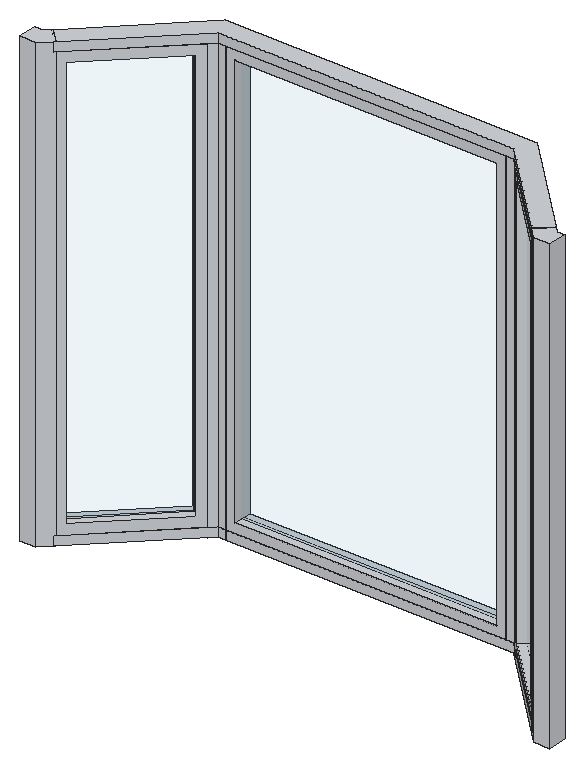
Revit family "W1_鋁窗", category 窗, Revit 2014
Parameters (values of type "(50+100+50) x 145 cm")
  熱阻 (R) = 0.271106 (m²·K)/W
  Visual Light Transmittance = 0.9
  Solar Heat Gain Coefficient = 0.78
  營造類型 Id = "GSP4R"
  Height = 145 cm
  傳熱係數 (U) = 3.6886 W/(m²·K)
  預設窗台高度 = 105 cm
  關鍵註記 = "固定窗-矩形"
  Rough Height = Height  # 145 cm
  Rough Width = Width  # 100 cm
  玻璃材質 = 玻璃
  牆封閉 = 依主體
  Width = 100 cm
  裝飾外框材料 = none
  裝飾外框寬度 = 3 cm
  裝飾外框厚度 = 6 cm
  解析營造 = "1/8 英吋 Pilkington 單層鑲嵌玻璃"
Reference planes (cm)
  plane 1: y = 0
  plane 2 "中心 (左/右)": x = 0
  plane 3 "左": x = -50
  plane 4 "右": x = 50
  plane 5 "窗台": z = 105
  plane 6 "標頭": z = 250
  plane 7 "外部": y = 7.5
  plane 8 "內部": y = -7.5
  plane 9: x = 85
  plane 10: x = -85
  plane 11: through (54.5944, -4.5858, 100) normal (-0.7071, -0.7071, 0)
  plane 12: through (50.0086, 0, 100) normal (0.9239, -0.3827, 0)
  plane 13: through (-54.5944, -4.5858, 100) normal (-0.7071, 0.7071, 0)
  plane 14: through (-50.0086, 0, 100) normal (0.9239, 0.3827, 0)
  plane 15: through (-83.2322, -36.7591, 100) normal (0.7071, 0.7071, 0)
  plane 16: through (85, -34.9914, 100) normal (0.7071, -0.7071, 0)
  plane 17: through (87.1213, -37.1127, 100) normal (0.7071, -0.7071, 0)
  plane 18: through (-85.3536, -38.8805, 100) normal (0.7071, 0.7071, 0)
  plane 19: z = 247
  plane 20: z = 108
  plane 21: z = 177.5
  plane 22: through (54.5944, -4.5858, 85) normal (-0.7071, -0.7071, 0)
  plane 23: through (50.0086, 0, 85) normal (0.9239, -0.3827, 0)
  plane 24: through (-54.5944, -4.5858, 85) normal (-0.7071, 0.7071, 0)
  plane 25: through (-50.0086, 0, 85) normal (0.9239, 0.3827, 0)
  plane 26: through (85, -34.9914, 100) normal (-0.7071, -0.7071, 0)
  plane 27: y = -34.9914
  plane 28: through (-75.4056, -33.8823, 100) normal (0.7071, -0.7071, 0)
  plane 29: through (-79.9914, -38.468, 100) normal (-0.9239, -0.3827, 0)
  plane 30: y = -34.9914
  plane 31: through (-79.7132, -38.1899, 85) normal (0.7071, -0.7071, 0)
  plane 32: through (-84.299, -42.7756, 85) normal (-0.9239, -0.3827, 0)
  plane 33: through (79.7132, -38.1899, 100) normal (0.7071, 0.7071, 0)
  plane 34: through (79.9914, -38.468, 100) normal (-0.9239, 0.3827, 0)
  plane 35: through (79.7132, -38.1899, 85) normal (0.7071, 0.7071, 0)
  plane 36: through (84.299, -42.7756, 85) normal (-0.9239, 0.3827, 0)
Forms (cm)
  Extrusion 1, solid
    sketch origin (0, 0, 0) x (1, 0, 0) y (0, 1, 0)
      loop
        line (45, 0) -> (45, -6) -> (47.5233, -6) -> (49.3076, -7.7843) -> (53.5503, -3.5416) -> (50.0086, 0) -> (45, 0)
    from 247 to 105
  Extrusion 2, solid
    sketch origin (0, 0, 0) x (-1, 0, 0) y (0, -1, 0)
      loop
        line (45, 0) -> (50.0086, 0) -> (53.5503, 3.5416) -> (49.3076, 7.7843) -> (47.5233, 6) -> (45, 6) -> (45, 0)
    from 247 to 105
  Extrusion 3, solid
    sketch origin (0, 0, 0) x (1, 0, 0) y (0, 1, 0)
      loop
        line (-50.0086, 0) -> (-80.9546, -30.946) -> (-76.712, -35.1886) -> (-47.5233, -6) -> (47.5233, -6) -> (76.4497, -34.9264) -> (80.6924, -30.6838) -> (50.0086, 0) -> (-50.0086, 0)
    from 250 to 247
  Extrusion 4, solid
    sketch origin (0, 0, 0) x (1, 0, 0) y (0, 1, 0)
      loop
        line (-50.0086, 0) -> (-80.9546, -30.946) -> (-76.712, -35.1886) -> (-47.5233, -6) -> (47.5233, -6) -> (76.4497, -34.9264) -> (80.6924, -30.6838) -> (50.0086, 0) -> (-50.0086, 0)
    from 108 to 105
  Extrusion 5, solid, not visible
    sketch origin (0, 0, -15) x (1, 0, 0) y (0, 1, 0)
      loop
        line (45, 0) -> (45, -6) -> (47.5233, -6) -> (49.3076, -7.7843) -> (53.5503, -3.5416) -> (50.0086, 0) -> (45, 0)
    from 247 to 105
  Extrusion 6, solid, not visible
    sketch origin (0, 0, -15) x (-1, 0, 0) y (0, -1, 0)
      loop
        line (45, 0) -> (50.0086, 0) -> (53.5503, 3.5416) -> (49.3076, 7.7843) -> (47.5233, 6) -> (45, 6) -> (45, 0)
    from 247 to 105
  Extrusion 7, solid, not visible
    sketch origin (0, 0, -15) x (1, 0, 0) y (0, 1, 0)
      loop
        line (-85, -34.9914) -> (-87.1213, -37.1127) -> (-82.8787, -41.3553) -> (-80.7574, -39.234) -> (-85, -34.9914)
      loop
        line (85, -34.9914) -> (80.7574, -39.234) -> (82.8787, -41.3553) -> (87.1213, -37.1127) -> (85, -34.9914)
    from 247 to 105
  Extrusion 8, solid, not visible
    sketch origin (0, 0, -15) x (1, 0, 0) y (0, 1, 0)
      loop
        line (-50.0086, 0) -> (-87.1213, -37.1127) -> (-82.8787, -41.3553) -> (-47.5233, -6) -> (47.5233, -6) -> (82.8787, -41.3553) -> (87.1213, -37.1127) -> (50.0086, 0) -> (-50.0086, 0)
    from 250 to 247
  Extrusion 9, solid, not visible
    sketch origin (0, 0, -15) x (1, 0, 0) y (0, 1, 0)
      loop
        line (-50.0086, 0) -> (-87.1213, -37.1127) -> (-82.8787, -41.3553) -> (-47.5233, -6) -> (47.5233, -6) -> (82.8787, -41.3553) -> (87.1213, -37.1127) -> (50.0086, 0) -> (-50.0086, 0)
    from 108 to 105
  Extrusion 10, solid
    sketch origin (-134.3076, -42.7756, 0) x (1, 0, 0) y (0, 1, 0)
      loop
        line (49.3076, 4.3076) -> (54.3162, 4.3076) -> (57.8579, 7.8492) -> (53.6152, 12.0919) -> (51.831, 10.3076) -> (49.3076, 10.3076) -> (49.3076, 4.3076)
    from 250 to 105
  Extrusion 11, solid, not visible
    sketch origin (-134.3076, -42.7756, -15) x (1, 0, 0) y (0, 1, 0)
      loop
        line (45, 0) -> (50.0086, 0) -> (53.5503, 3.5416) -> (49.3076, 7.7843) -> (47.5233, 6) -> (45, 6) -> (45, 0)
    from 250 to 105
  Extrusion 12, solid
    sketch origin (134.3076, -42.7756, 0) x (-1, 0, 0) y (0, -1, 0)
      loop
        line (49.3076, -4.3076) -> (49.3076, -10.3076) -> (51.831, -10.3076) -> (53.6152, -12.0919) -> (57.8579, -7.8492) -> (54.3162, -4.3076) -> (49.3076, -4.3076)
    from 250 to 105
  Extrusion 13, solid, not visible
    sketch origin (134.3076, -42.7756, -15) x (-1, 0, 0) y (0, -1, 0)
      loop
        line (45, 0) -> (45, -6) -> (47.5233, -6) -> (49.3076, -7.7843) -> (53.5503, -3.5416) -> (50.0086, 0) -> (45, 0)
    from 250 to 105
Lines and regions (cm)
  Opening 1
    outline origin (350, -7.5, 0) x (1, 0, 0) y (0, 0, 1)
      loop
        line (-300, 105) -> (-300, 250) -> (-400, 250) -> (-400, 105) -> (-300, 105)
  Opening 2, not visible
    outline origin (-500, 7.5, 0) x (-1, 0, 0) y (0, 0, 1)
      loop
        line (-550, 90) -> (-450, 90) -> (-450, 235) -> (-550, 235) -> (-550, 90)
  symbolic lines
    curve 1: line (85, -26.3762, 0) -> (107.7629, -3.6133, 0)
    curve 2: line (-85, -26.9006, 0) -> (-108.2874, -3.6133, 0)
    curve 3: line (-82.8787, -24.7793, 0) -> (-106.1661, -1.4919, 0)
    curve 4: line (78.5711, -28.5624, 0) -> (105.6416, -1.4919, 0)
    curve 5: line (-106.1661, -1.4919, 0) -> (-108.2874, -3.6133, 0)
    curve 6: line (105.6416, -1.4919, 0) -> (107.7629, -3.6133, 0)
    curve 7: arc (57.1766, -7.1679, 0) -> (80.423, 4.0898, 0) -> (105.6416, -1.4919, 0) r 39.3483
    curve 8: arc (-60.8934, -3.5416, 0) -> (-83.2078, 4.594, 0) -> (-106.1661, -1.4919, 0) r 39.6259
  model lines
    curve 9: line (53.5503, -3.5416, 247) -> (80.7417, -30.7331, 177.6262)
    curve 10: line (80.7417, -30.7331, 177.6262) -> (53.5503, -3.5416, 108)
    curve 11: line (-53.5503, -3.5416, 247) -> (-80.9546, -30.946, 177.5)
    curve 12: line (-80.9546, -30.946, 177.5) -> (-53.5503, -3.5416, 108)
  model lines, not visible
    curve 13: line (53.5503, -3.5416, 232) -> (85, -34.9914, 162.5)
    curve 14: line (85, -34.9914, 162.5) -> (53.5503, -3.5416, 93)
    curve 15: line (-53.5503, -3.5416, 232) -> (-85, -34.9914, 162.5)
    curve 16: line (-85, -34.9914, 162.5) -> (-53.5503, -3.5416, 93)
Text (cm)
  text "外部" at (-196.3203, 133.2353, 0), in view "參考樓層"
  text "內部" at (-198.1466, -81.8386, 0), in view "參考樓層"
  text "外部" at (0, 92.3751, 294.3296), in view "右"
  text "外部" at (0, 104.0484, 268.5409), in view "左"
Dimensions and locks (cm)
  equal spacing: plane 3 "左", plane 2 "中心 (左/右)", plane 4 "右"
  "Width": plane 3 "左" to plane 4 "右"
  "Height": plane 5 "窗台" to plane 6 "標頭"
  "預設窗台高度": plane 5 "窗台" to level
  locked: plane 7 "外部" to host wall at 0
  locked: plane 8 "內部" to host wall
  plane 5 "窗台" to plane 20 = 3 cm
  plane 19 to plane 6 "標頭" = 3 cm
  equal spacing: plane 20, plane 21, plane 19
  aligned and locked: plane 1 to nested 1
  aligned and locked: nested 1 to Extrusion 2
  aligned and locked: nested 2 to curve 4
  aligned and locked: nested 3 to curve 3
  aligned and locked: nested 2 to curve 1
  aligned and locked: nested 3 to curve 2
  aligned and locked: plane 19 to nested 1  (x2)
  aligned and locked: plane 19 to nested 2  (x2)
  aligned and locked: plane 20 to nested 2
  aligned and locked: nested 3 to plane 19
Automatic sketch dimensions
  Opening 1 sketch curve to Opening 1 sketch curve = 100 cm
  Opening 1 sketch curve to Opening 1 sketch curve = 145 cm
  host wall to curve 2 = 3.6133 cm
  host wall to curve 1 = 3.6133 cm
  curve 2 to plane 10 = 0 cm
  curve 8 to plane 10 = 0 cm
  plane 26 to curve 7 = 0 cm
  plane 26 to curve 4 = 0 cm
  curve 7 to plane 9 = 0 cm
  curve 1 to plane 9 = 0 cm
  plane 16 to curve 7 = 0 cm
  curve 8 to plane 15 = 0 cm
  curve 3 to plane 10 = 2.1213 cm
  host wall to curve 8 = 3.5416 cm
  plane 12 to Extrusion 1 sketch curve = 0 cm  (x2)
  plane 11 to Extrusion 1 sketch curve = 0 cm  (x2)
  plane 12 to Extrusion 1 sketch curve = 2.3313 cm
  plane 11 to Extrusion 1 sketch curve = 6 cm
  Extrusion 1 sketch curve to Extrusion 1 sketch curve = 5.0086 cm
  plane 14 to Extrusion 2 sketch curve = 0 cm
  plane 13 to Extrusion 2 sketch curve = 0 cm  (x2)
  Extrusion 2 sketch curve to plane 14 = 0 cm
  Extrusion 2 sketch curve to plane 14 = 2.3313 cm
  Extrusion 2 sketch curve to plane 13 = 6 cm
  Extrusion 2 sketch curve to Extrusion 2 sketch curve = 5.0086 cm
  Extrusion 3 sketch curve to plane 27 = 4.0454 cm
  plane 27 to Extrusion 3 sketch curve = 0.1973 cm
  Extrusion 3 sketch curve to plane 27 = 34.9914 cm
  Extrusion 3 sketch curve to plane 27 = 28.9914 cm
  Extrusion 3 sketch curve to plane 27 = 0.065 cm
  Extrusion 3 sketch curve to plane 27 = 4.3076 cm
  Extrusion 3 sketch curve to Extrusion 3 sketch curve = 4.2426 cm
  Extrusion 3 sketch curve to Extrusion 3 sketch curve = 95.0467 cm
  Extrusion 3 sketch curve to Extrusion 3 sketch curve = 2.4853 cm
  Extrusion 4 sketch curve to plane 27 = 4.0454 cm
  plane 27 to Extrusion 4 sketch curve = 0.1973 cm
  Extrusion 4 sketch curve to plane 27 = 34.9914 cm
  Extrusion 4 sketch curve to plane 27 = 28.9914 cm
  Extrusion 4 sketch curve to plane 27 = 0.065 cm
  Extrusion 4 sketch curve to plane 27 = 4.3076 cm
  Extrusion 4 sketch curve to Extrusion 4 sketch curve = 4.2426 cm
  Extrusion 4 sketch curve to Extrusion 4 sketch curve = 95.0467 cm
  Extrusion 4 sketch curve to Extrusion 4 sketch curve = 2.4853 cm
  curve 10 to curve 9 = 79.5396 cm  (x2)
  curve 9 to curve 9 = 79.3188 cm  (x2)
  curve 12 to curve 11 = 79.5754 cm
  curve 11 to curve 11 = 79.5754 cm  (x2)
  curve 11 to curve 12 = 79.5754 cm
  Extrusion 10 sketch curve to plane 29 = 0 cm  (x2)
  plane 27 to Extrusion 10 sketch curve = 4.3076 cm
  Extrusion 10 sketch curve to plane 28 = 0 cm  (x2)
  plane 27 to Extrusion 10 sketch curve = 2.5233 cm
  Extrusion 10 sketch curve to Extrusion 10 sketch curve = 5.0086 cm
  Extrusion 12 sketch curve to plane 34 = 0 cm  (x2)
  Extrusion 12 sketch curve to plane 27 = 4.3076 cm
  Extrusion 12 sketch curve to plane 33 = 0 cm  (x2)
  Extrusion 12 sketch curve to plane 27 = 2.5233 cm
  Extrusion 12 sketch curve to Extrusion 12 sketch curve = 5.0086 cm
  Opening 2 sketch curve to Opening 2 sketch curve = 100 cm
  Opening 2 sketch curve to Opening 2 sketch curve = 145 cm
  plane 23 to Extrusion 5 sketch curve = 0 cm  (x2)
  plane 22 to Extrusion 5 sketch curve = 0 cm  (x2)
  plane 23 to Extrusion 5 sketch curve = 2.3313 cm
  plane 22 to Extrusion 5 sketch curve = 6 cm
  Extrusion 5 sketch curve to Extrusion 5 sketch curve = 5.0086 cm
  plane 25 to Extrusion 6 sketch curve = 0 cm
  plane 24 to Extrusion 6 sketch curve = 0 cm  (x2)
  Extrusion 6 sketch curve to plane 25 = 0 cm
  Extrusion 6 sketch curve to plane 25 = 2.3313 cm
  Extrusion 6 sketch curve to plane 24 = 6 cm
  Extrusion 6 sketch curve to Extrusion 6 sketch curve = 5.0086 cm
  plane 30 to Extrusion 7 sketch curve = 0 cm  (x2)
  plane 30 to Extrusion 7 sketch curve = 2.1213 cm
  plane 30 to Extrusion 7 sketch curve = 6.364 cm  (x2)
  plane 30 to Extrusion 7 sketch curve = 4.2426 cm
  Extrusion 7 sketch curve to Extrusion 7 sketch curve = 2.1213 cm  (x2)
  Extrusion 7 sketch curve to Extrusion 7 sketch curve = 161.5147 cm
  plane 30 to Extrusion 8 sketch curve = 2.1213 cm  (x2)
  plane 30 to Extrusion 8 sketch curve = 6.364 cm  (x2)
  Extrusion 8 sketch curve to plane 30 = 34.9914 cm
  Extrusion 8 sketch curve to plane 30 = 28.9914 cm
  Extrusion 8 sketch curve to Extrusion 8 sketch curve = 4.2426 cm
  Extrusion 8 sketch curve to Extrusion 8 sketch curve = 95.0467 cm
  Extrusion 8 sketch curve to Extrusion 8 sketch curve = 2.4853 cm
  plane 30 to Extrusion 9 sketch curve = 2.1213 cm  (x2)
  plane 30 to Extrusion 9 sketch curve = 6.364 cm  (x2)
  Extrusion 9 sketch curve to plane 30 = 34.9914 cm
  Extrusion 9 sketch curve to plane 30 = 28.9914 cm
  Extrusion 9 sketch curve to Extrusion 9 sketch curve = 4.2426 cm
  Extrusion 9 sketch curve to Extrusion 9 sketch curve = 95.0467 cm
  Extrusion 9 sketch curve to Extrusion 9 sketch curve = 2.4853 cm
  curve 14 to curve 13 = 44.4767 cm
  curve 13 to curve 13 = 44.4767 cm
  curve 14 to curve 13 = 69.5 cm
  curve 13 to curve 13 = 69.5 cm
  curve 16 to curve 15 = 44.4767 cm
  curve 15 to curve 15 = 44.4767 cm
  curve 15 to curve 15 = 69.5 cm
  curve 15 to curve 16 = 69.5 cm
  Extrusion 11 sketch curve to plane 32 = 0 cm  (x2)
  plane 30 to Extrusion 11 sketch curve = 0 cm
  Extrusion 11 sketch curve to plane 31 = 0 cm  (x2)
  Extrusion 11 sketch curve to plane 30 = 1.7843 cm
  Extrusion 11 sketch curve to Extrusion 11 sketch curve = 5.0086 cm
  Extrusion 13 sketch curve to Extrusion 13 sketch curve = 2.5233 cm
  Extrusion 13 sketch curve to Extrusion 13 sketch curve = 1.7843 cm  (x2)
  Extrusion 13 sketch curve to Extrusion 13 sketch curve = 5.0086 cm
  Extrusion 13 sketch curve to Extrusion 13 sketch curve = 3.5416 cm
  plane 3 "左" to Opening 1 sketch curve = 0 cm
  Opening 1 sketch curve to plane 5 "窗台" = 0 cm
  plane 18 to Extrusion 3 sketch curve = 8.721 cm
  plane 18 to Extrusion 4 sketch curve = 8.721 cm
  curve 10 to plane 20 = 0 cm
  curve 9 to plane 19 = 0 cm
  plane 21 to curve 10 = 0.1262 cm
  curve 10 to plane 16 = 44.4767 cm
  curve 9 to plane 16 = 44.4767 cm
  curve 10 to plane 16 = 6.0222 cm
  curve 12 to plane 20 = 0 cm
  curve 11 to plane 19 = 0 cm
  curve 11 to plane 21 = 0 cm
  plane 15 to curve 12 = 44.4767 cm
  plane 15 to curve 11 = 44.4767 cm
  plane 15 to curve 12 = 5.721 cm
Nested families (cm)
  nested 1: "窗框" at (-26.7428, 91.9367, 8), type "窗框"
    with Height 139 cm, Width 90 cm, 裝飾外框寬度 3 cm
  nested 2: "窗框" at (113.4765, 66.5502, 8) x (0.7071, -0.7071, 0) z (0, 0, 1), type "窗框"
    with Height 139 cm, Width 37.6604 cm, 裝飾外框寬度 3 cm
  nested 3: "窗框" at (-113.3515, 66.6752, 8) x (-0.7071, -0.7071, 0) z (0, 0, 1), type "窗框"
    with Height 139 cm, Width 38.7556 cm, 裝飾外框寬度 3 cm
  nested 4: "窗框" at (-26.7428, 91.9367, -7), type "窗框", not visible
    with Height 139 cm, Width 90 cm, 裝飾外框寬度 3 cm
  nested 5: "窗框" at (115.3742, 64.6526, -7) x (0.7071, -0.7071, 0) z (0, 0, 1), type "窗框", not visible
    with Height 139 cm, Width 44.4767 cm, 裝飾外框寬度 3 cm
  nested 6: "窗框" at (-115.3742, 64.6526, -7) x (-0.7071, -0.7071, 0) z (0, 0, 1), type "窗框", not visible
    with Height 139 cm, Width 44.4767 cm, 裝飾外框寬度 3 cm
Definition of nested family "窗框"
  Parameters (values of type "窗框")
    Height [instance] = 50 cm
    護桿寬度 = 2 cm
    護桿厚度 = 1 cm
    Analytic Construction = "<無>"
    Rough Height = 50 cm
    Rough Width = 60 cm
    Width [instance] = 60 cm
    裝飾外框材料 = none
    玻璃材質 = 玻璃
    玻璃厚度 = 1 cm
    裝飾外框寬度 = 6 cm
    裝飾外框厚度 = 6 cm
    Assembly Code = ""
  Reference planes (cm)
    plane 1 "中心 (前/後)": y = -91.9367
    plane 2: z = 0
    plane 3 "中心 (左/右)": x = 26.7428
    plane 4 "玻璃-上": y = -94.4367
    plane 5 "玻璃-下": y = -95.4367
    plane 6: y = -97.9367
    plane 7: x = -3.2572
    plane 8: x = 56.7428
    plane 9: x = 2.7428
    plane 10: x = 50.7428
    plane 11: z = 144
    plane 12: z = 150
    plane 13: z = 106
    plane 14: z = 100
    plane 15: y = -94.9367
  Forms (cm)
    Extrusion 1, solid, material "玻璃" <- "玻璃材質"
      sketch origin (-149.9274, -94.9367, 120) x (-1, 0, 0) y (0, 0, 1)
        loop
          line (-152.6702, 24) -> (-200.6702, 24) -> (-200.6702, -14) -> (-152.6702, -14) -> (-152.6702, 24)
      from -0.5 to 0.5
    Extrusion 2, solid, material <- "裝飾外框材料"
      sketch origin (-149.9274, -94.9367, 120) x (-1, 0, 0) y (0, 0, 1)
        loop
          line (-146.6702, 30) -> (-206.6702, 30) -> (-206.6702, -20) -> (-146.6702, -20) -> (-146.6702, 30)
        loop
          line (-152.6702, 24) -> (-200.6702, 24) -> (-200.6702, -14) -> (-152.6702, -14) -> (-152.6702, 24)
      from -3 to 3
  Dimensions and locks (cm)
    equal spacing: plane 10, plane 3 "中心 (左/右)", plane 9
    "裝飾外框寬度": plane 8 to plane 10
    "裝飾外框寬度": plane 9 to plane 7
    "裝飾外框寬度": plane 12 to plane 11
    "Width": plane 8 to plane 7
    "裝飾外框寬度": plane 13 to plane 14
    "Height": plane 12 to plane 14
    plane 14 to level = 100 cm
    equal spacing: plane 4 "玻璃-上", plane 15, plane 5 "玻璃-下"
    "玻璃厚度": plane 4 "玻璃-上" to plane 5 "玻璃-下"
    equal spacing: plane 6, plane 15, plane 1 "中心 (前/後)"
    "裝飾外框厚度": plane 6 to plane 1 "中心 (前/後)"
    aligned and locked: Extrusion 1 sketch curve to plane 11
    aligned and locked: plane 9 to Extrusion 1 sketch curve
    aligned and locked: Extrusion 1 sketch curve to plane 10
    aligned and locked: plane 13 to Extrusion 1 sketch curve
    aligned and locked: plane 7 to Extrusion 2 sketch curve
    aligned and locked: Extrusion 2 sketch curve to plane 12
    aligned and locked: Extrusion 2 sketch curve to plane 8
    aligned and locked: plane 9 to Extrusion 2 sketch curve
    aligned and locked: plane 13 to Extrusion 2 sketch curve
    aligned and locked: Extrusion 2 sketch curve to plane 10
    aligned and locked: Extrusion 2 sketch curve to plane 11
    aligned and locked: Extrusion 2 sketch curve to plane 14
    aligned and locked: plane 2 to level
    aligned and locked: plane 6 to Extrusion 2
    aligned and locked: plane 1 "中心 (前/後)" to Extrusion 2
    aligned and locked: plane 5 "玻璃-下" to Extrusion 1
    aligned and locked: plane 4 "玻璃-上" to Extrusion 1
